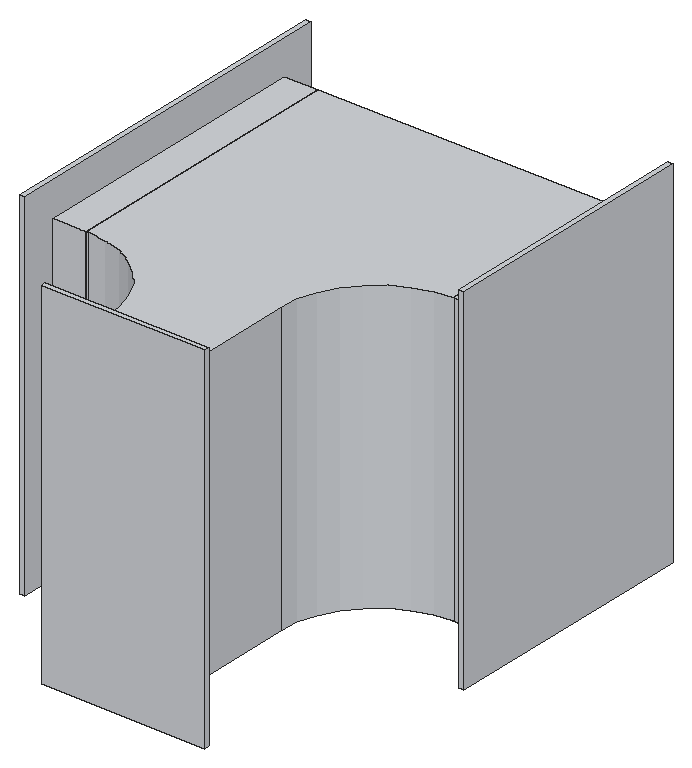
Revit family "RE T-Stück gerade TG - Flansch", category Luftkanalformteile, Revit 2014
Parameters (values of type "Allgemein")
  x2 [instance] = if(not(Min. abdh > 100 mm), 0 mm, if(not(Min. abdh > 125 mm), 25 mm, if(not(Min. abdh > 150 mm), 50 mm, if(not(Min. abdh > 175 mm), 75 mm, if(not(Min. abdh > 200 mm), 100 mm, if(not(Min. abdh > 225 mm), 125 mm, 150 mm))))))  # 0 mm
  x [instance] = 35 mm
  r1 [instance] = if(r = 0 mm, 100 mm, r)  # 100 mm
  r [instance] = 0 mm
  m2 [instance] = 2000 mm + m + Versatz 1  # 2125 mm
  m1 [instance] = 2000 mm  # constant formula
  m [instance] = 0 mm  # constant formula
  l2 [instance] = 2 * (Länge 1 + r1) + h  # 370 mm
  l [instance] = 0 mm
  f2 [instance] = if(f = 0 mm, 0.9222 * Min. bdh - 82.8 mm, f)  # 9.42 mm
  f1 [instance] = r1 + Länge 1 + 1.6 mm  # 136.6 mm
  f [instance] = 0 mm
  e4 [instance] = 0 mm
  e3 [instance] = 0 mm
  e2 [instance] = 0 mm
  e1 [instance] = if(d > b, r1 + Länge 1 + 1 mm, r1 + Länge 1 + b - d + 1 mm)  # 236 mm
  e [instance] = 0 mm
  Sichtbarkeit 4 [instance] = Versatz 1 > b / 2  # no
  Sichtbarkeit 3 [instance] = not(Versatz 1 > b / 2)  # yes
  Sichtbarkeit 2 [instance] = x1 = 0 mm  # no
  Versatz 1 [instance] = if(b > d, abs((b / 2 - d / 2) / 2 + d / 2 - m / 2), abs((d / 2 - b / 2) / 2 + b / 2 - m / 2))  # 125 mm
  Max. abdh [instance] = if(Max. bdh < a, a, Max. bdh)  # 300 mm
  Länge x3 [instance] = x1 + Flanschstärke  # 40 mm
  l1 [instance] = if(l = 0 mm, Max. abdh, l)  # 300 mm
  h [instance] = 100 mm
  d [instance] = 200 mm
  b [instance] = 300 mm
  a [instance] = 300 mm
  Sichtbarkeit 1 [instance] = not(x1 = 0 mm)  # yes
  Min. dh [instance] = if(d < h, d, h)  # 100 mm
  Min. bh [instance] = if(b < h, b, h)  # 100 mm
  Min. bdh [instance] = if(and(b < d, b < h), b, if(and(d < b, d < h), d, h))  # 100 mm
  Min. abdh [instance] = if(Min. bdh < a, Min. bdh, a)  # 100 mm
  Versatz 2 [instance] = if(b > d, b + f, d + f)  # 300 mm
  Länge 1 [instance] = if(x1 = 0 mm, 10 mm, x1)  # 35 mm
  x1 [instance] = 35 mm  # constant formula
  Max. bdh [instance] = if(d12 > h, d12, h)  # 300 mm
  d12 [instance] = if(b > d, b, d)  # 300 mm
  Flansch h [instance] = h + Flanschverlängerung * 2  # 170 mm
  Flansch d [instance] = d + Flanschverlängerung * 2  # 270 mm
  Flansch b [instance] = b + Flanschverlängerung * 2  # 370 mm
  Flansch a [instance] = a + Flanschverlängerung * 2  # 370 mm
  Flanschstärke [instance] = 5 mm
  Flanschverlängerung [instance] = 35 mm
  Assembly Code = ""
Reference planes
  plane 1 "Mitte (vorne/hinten)": y = 0
  plane 2: z = 0
  plane 3 "Mitte (links/rechts)": x = 0
  plane 4: y = 125
  plane 5: x = -50
  plane 6: x = 50
  plane 7: z = 150
  plane 8: z = -150
  plane 9: y = -175
  plane 10: y = -2000
  plane 11: y = -25
  plane 12: x = -186.6
  plane 13: x = -150
  plane 14: x = -191.6
  plane 15: x = -151.6
  plane 16: x = 183.4
  plane 17: x = 188.4
  plane 18: y = 125
  plane 19: y = -275
  plane 20: x = 148.4
  plane 21: y = -75
  plane 22: y = 25
  plane 23: y = -175
  plane 24: x = 150
  plane 25: x = -151.6
  plane 26: x = 148.4
  plane 27: y = -436.7
  plane 28: y = -311
  plane 29: y = -316
  plane 30: y = -276
  plane 31: y = -276
  plane 32: y = 160
  plane 33: y = -210
  plane 34: y = 160
  plane 35: y = -110
  plane 36: x = -85
  plane 37: x = 85
Forms (mm)
  Extrusion 1, solid, detail levels medium+fine
    sketch origin (0, 0, 0) x (1, 0, 0) y (0, 1, 0)
      loop
        line (148.4, -75) -> (148.4, 125) -> (-151.6, 125) -> (-151.6, -175) -> (-150, -175)
        arc (-150, -175) -> (-79.289, -204.289) -> (-50, -275) r 100
        line (-50, -275) -> (-50, -276) -> (50, -276) -> (50, -175)
        arc (50, -175) -> (79.289, -104.289) -> (150, -75) r 100
        line (150, -75) -> (148.4, -75)
    from -150 to 150
  Sweep 2, solid, visible <- "Sichtbarkeit 1", detail levels medium+fine
    path in 3D
      loop
        line (-186.6, -25, 0) -> (-151.6, -25, 0)
    profile "Luftkanal - rechteckig : Luftkanal - rechteckig 1" origin (-169.1, -25, 0) x (0, 1, 0) y (0, 0, 1)
      loop
        line (-150, 150) -> (-150, -150) -> (150, -150) -> (150, 150) -> (-150, 150)
  Sweep 3, solid, visible <- "Sichtbarkeit 1", detail levels medium+fine
    path in 3D
      loop
        line (183.4, 25, 0) -> (148.4, 25, 0)
    profile "Luftkanal - rechteckig : Luftkanal - rechteckig 2" origin (165.9, 25, 0) x (0, -1, 0) y (0, 0, 1)
      loop
        line (-100, 150) -> (-100, -150) -> (100, -150) -> (100, 150) -> (-100, 150)
  Sweep 4, solid, detail levels fine
    path in 3D
      loop
        line (-186.6, -25, 0) -> (-191.6, -25, 0)
    profile "Luftkanal - rechteckig : Luftkanal - Flansch 1" origin (-189.1, -25, 0) x (0, -1, 0) y (0, 0, 1)
      loop
        line (-185, 185) -> (-185, -185) -> (185, -185) -> (185, 185) -> (-185, 185)
  Sweep 5, solid, detail levels fine
    path in 3D
      loop
        line (188.4, 25, 0) -> (183.4, 25, 0)
    profile "Luftkanal - rechteckig : Luftkanal - Flansch 2" origin (185.9, 25, 0) x (0, -1, 0) y (0, 0, 1)
      loop
        line (-135, 185) -> (-135, -185) -> (135, -185) -> (135, 185) -> (-135, 185)
  Sweep 6, solid, visible <- "Sichtbarkeit 1", detail levels medium+fine
    path in 3D
      loop
        line (0, -276, 0) -> (0, -311, 0)
    profile "Luftkanal - rechteckig : Luftkanal - rechteckig 3" origin (0, -293.5, 0) x (1, 0, 0) y (0, 0, 1)
      loop
        line (-50, 150) -> (-50, -150) -> (50, -150) -> (50, 150) -> (-50, 150)
  Sweep 7, solid, detail levels fine
    path in 3D
      loop
        line (0, -316, 0) -> (0, -311, 0)
    profile "Luftkanal - rechteckig : Luftkanal - Flansch 3" origin (0, -313.5, 0) x (-1, 0, 0) y (0, 0, 1)
      loop
        line (-85, 185) -> (-85, -185) -> (85, -185) -> (85, 185) -> (-85, 185)
  Sweep 8, solid, detail levels medium
    path in 3D
      loop
        line (0, -316, 0) -> (0, -311, 0)
    profile "Luftkanal - rechteckig : Luftkanal - rechteckig 3" origin (0, -313.5, 0) x (-1, 0, 0) y (0, 0, 1)
      loop
        line (-50, 150) -> (-50, -150) -> (50, -150) -> (50, 150) -> (-50, 150)
  Sweep 9, solid, detail levels medium
    path in 3D
      loop
        line (-186.6, -25, 0) -> (-191.6, -25, 0)
    profile "Luftkanal - rechteckig : Luftkanal - rechteckig 1" origin (-189.1, -25, 0) x (0, -1, 0) y (0, 0, 1)
      loop
        line (-150, 150) -> (-150, -150) -> (150, -150) -> (150, 150) -> (-150, 150)
  Sweep 10, solid, detail levels medium
    path in 3D
      loop
        line (188.4, 25, 0) -> (183.4, 25, 0)
    profile "Luftkanal - rechteckig : Luftkanal - rechteckig 2" origin (185.9, 25, 0) x (0, -1, 0) y (0, 0, 1)
      loop
        line (-100, 150) -> (-100, -150) -> (100, -150) -> (100, 150) -> (-100, 150)
Lines and regions (mm)
  model lines, not visible, detail levels coarse
    curve 1: line (-186.6, -25, 0) -> (-151.6, -25, 0)
    curve 5: line (-186.6, -25, 0) -> (-191.6, -25, 0)
    curve 9: line (0, -316, 0) -> (0, -311, 0)
    curve 10: line (0, -276, 0) -> (0, -311, 0)
  model lines, visible <- "Sichtbarkeit 1", detail levels coarse
    curve 2: line (183.4, 25, 0) -> (148.4, 25, 0)
    curve 13: line (0, 25, 0) -> (148.4, 25, 0)
  sketch lines
    curve 3: line (-186.6, -25, 0) -> (-151.6, -25, 0)
    curve 4: line (183.4, 25, 0) -> (148.4, 25, 0)
    curve 7: line (-186.6, -25, 0) -> (-191.6, -25, 0)
    curve 8: line (188.4, 25, 0) -> (183.4, 25, 0)
    curve 11: line (0, -276, 0) -> (0, -311, 0)
    curve 12: line (0, -316, 0) -> (0, -311, 0)
    curve 16: line (0, -316, 0) -> (0, -311, 0)
    curve 17: line (-186.6, -25, 0) -> (-191.6, -25, 0)
    curve 18: line (188.4, 25, 0) -> (183.4, 25, 0)
  model lines, detail levels coarse
    curve 6: line (188.4, 25, 0) -> (183.4, 25, 0)
    curve 15: line (-191.6, -25, 0) -> (0, -25, 0)
    curve 19: line (-191.6, 160, 0) -> (-191.6, -210, 0)
    curve 20: line (188.4, -110, 0) -> (188.4, 160, 0)
    curve 21: line (-85, -316, 0) -> (85, -316, 0)
  model lines, visible <- "Sichtbarkeit 2", detail levels coarse
    curve 14: line (0, 25, 0) -> (183.4, 25, 0)
  model lines, visible <- "Sichtbarkeit 3", detail levels coarse
    curve 22: line (0, 25, 0) -> (0, -316, 0)
  model lines, visible <- "Sichtbarkeit 4", detail levels coarse
    curve 23: line (0, -25, 0) -> (0, -316, 0)
Dimensions and locks
  "Versatz 1": plane 4 to plane 1 "Mitte (vorne/hinten)"
  equal spacing: plane 7, plane 2, plane 8
  "a": plane 7 to plane 8
  "b": plane 4 to plane 9
  "m1": plane 10 to plane 1 "Mitte (vorne/hinten)"
  "f1": plane 12 to plane 5
  "r1": plane 13 to plane 5
  "Flanschstärke": plane 14 to plane 12
  "Länge 1": plane 12 to plane 15
  "l2": plane 12 to plane 16
  "Flanschstärke": plane 16 to plane 17
  equal spacing: plane 4, plane 11, plane 9
  "m2": plane 18 to plane 10
  "r1": plane 9 to plane 19
  "Länge 1": plane 20 to plane 16
  "d": plane 18 to plane 21
  equal spacing: plane 18, plane 22, plane 21
  "r1": plane 21 to plane 23
  "r1": plane 6 to plane 24
  "x1": plane 12 to plane 25
  "x1": plane 26 to plane 16
  "e1": plane 21 to plane 28
  "Flanschstärke": plane 28 to plane 29
  "x1": plane 30 to plane 28
  "Länge 1": plane 31 to plane 28
  "Flansch b": plane 33 to plane 32
  equal spacing: plane 32, plane 11, plane 33
  equal spacing: plane 35, plane 22, plane 34
  "Flansch d": plane 34 to plane 35
  equal spacing: plane 36, plane 3 "Mitte (links/rechts)", plane 37
  "Flansch h": plane 36 to plane 37
  "h": plane 5 to plane 6
  equal spacing: plane 5, plane 3 "Mitte (links/rechts)", plane 6
  "r1": radius of Extrusion 1 sketch curve  (x2)
  aligned and locked: plane 7 to Extrusion 1
  aligned and locked: Extrusion 1 to plane 8
  aligned: plane 16 to Extrusion 1
  aligned and locked: plane 12 to curve 1
  aligned and locked: plane 19 to Extrusion 1 sketch curve
  aligned and locked: plane 13 to Extrusion 1 sketch curve  (x2)
  aligned and locked: plane 20 to curve 2
  aligned and locked: plane 22 to curve 2
  aligned and locked: plane 24 to Extrusion 1 sketch curve
  aligned and locked: plane 23 to Extrusion 1 sketch curve  (x2)
  aligned and locked: Extrusion 1 to plane 25
  aligned and locked: Extrusion 1 sketch curve to plane 26
  aligned and locked: plane 4 to Extrusion 1 sketch curve
  aligned and locked: plane 18 to Extrusion 1 sketch curve
  aligned and locked: plane 25 to Extrusion 1 sketch curve
  aligned and locked: plane 17 to curve 6
  aligned and locked: plane 22 to curve 6
  aligned and locked: curve 1 to plane 11
  aligned and locked: plane 3 "Mitte (links/rechts)" to curve 9
  aligned and locked: plane 31 to curve 10
  aligned and locked: curve 10 to plane 3 "Mitte (links/rechts)"
  aligned and locked: Extrusion 1 to plane 30
  aligned and locked: plane 22 to curve 13
  aligned and locked: plane 16 to curve 14
  aligned and locked: plane 3 "Mitte (links/rechts)" to curve 15
  aligned and locked: plane 14 to curve 15
  aligned and locked: curve 15 to plane 11
  aligned and locked: plane 32 to curve 19
  aligned and locked: plane 33 to curve 19
  aligned and locked: curve 19 to plane 14
  aligned and locked: plane 35 to curve 20
  aligned and locked: plane 34 to curve 20
  aligned and locked: plane 17 to curve 20
  aligned and locked: plane 37 to curve 21
  aligned and locked: plane 36 to curve 21
  aligned and locked: curve 21 to plane 29
  aligned and locked: plane 29 to curve 23
  aligned and locked: plane 11 to curve 23
  aligned and locked: curve 23 to plane 3 "Mitte (links/rechts)"
  aligned and locked: curve 13 to plane 22
  aligned and locked: plane 3 "Mitte (links/rechts)" to curve 13
Automatic sketch dimensions
  curve 1 to plane 15 = 0 mm
  curve 10 to plane 28 = 0 mm
  Extrusion 1 sketch curve to plane 30 = 0 mm
Connectors
  hvac at (-191.6, -25, 0), driven by "a", driven by "b"
    settings: on Sweep 4, index 1, duct flow 0.0 L/s, flow factor 0, pres drop 0.0 Pa, loss coef 0, conn angle 0.00°, conn width 300 mm, conn height 300 mm, conn diameter 609.6 mm, duct sys type 28, conn prof type 1, flow config 0, flow direction 0, loss method 0, conn ref index 2, conn util no, is conn primary yes, conn desc ""
  hvac at (188.4, 25, 0), driven by "a", driven by "d"
    settings: on Sweep 5, index 2, duct flow 0.0 L/s, flow factor 0, pres drop 0.0 Pa, loss coef 0, conn angle 0.00°, conn width 200 mm, conn height 300 mm, conn diameter 609.6 mm, duct sys type 28, conn prof type 1, flow config 0, flow direction 0, loss method 0, conn ref index 1, conn util no, is conn primary no, conn desc ""
  hvac at (0, -316, 0), driven by "a", driven by "h"
    settings: on Sweep 7, index 3, duct flow 0.0 L/s, flow factor 0, pres drop 0.0 Pa, loss coef 0, conn angle 0.00°, conn width 100 mm, conn height 300 mm, conn diameter 609.6 mm, duct sys type 28, conn prof type 1, flow config 0, flow direction 0, loss method 0, conn ref index -1, conn util no, is conn primary no, conn desc ""
